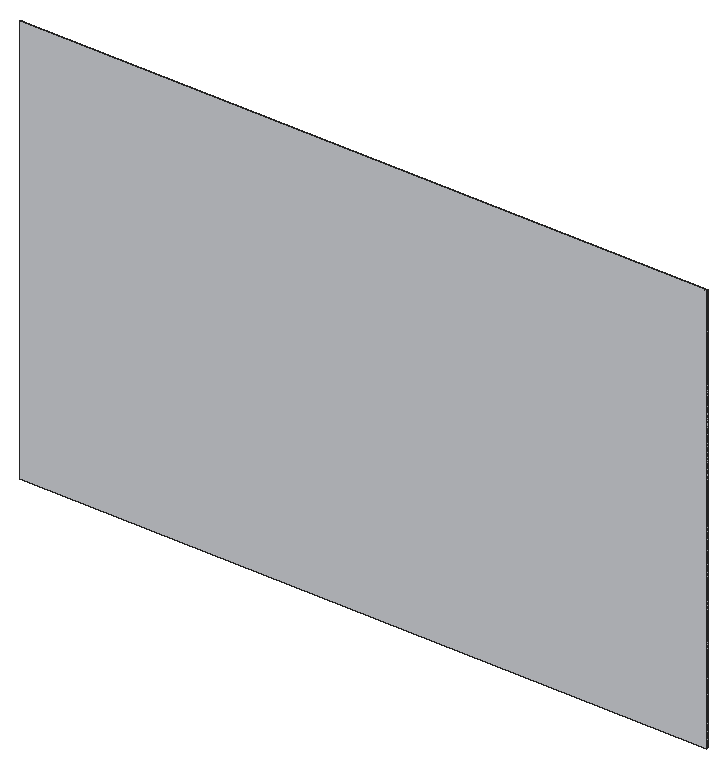
Revit family "27828AIR", category Generic Models, Revit 2017
Family settings
  Can host rebar = No
  Round Connector Dimension = Use Diameter
  Part Type = Normal
  Work Plane-Based = No
  Always vertical = Yes
  Cut with Voids When Loaded = No
  Shared = No
  Room Calculation Point = No
Parameters
  W = 1990 mm
  H = 1190 mm
  Whiteboard = none
  Base = none
Reference planes
  plane 1 "Center (Front/Back)": y = 0
  plane 2: z = 0
  plane 3 "Center (Left/Right)": x = 0
  plane 4: y = 0.5
  plane 5: y = 10.5
  plane 6: z = 1190
  plane 7: x = -995
  plane 8: x = 995
  plane 9: y = 4
Forms (mm)
  Extrusion 1, solid, material <- "Whiteboard"
    sketch origin (0, 0, 0) x (1, 0, 0) y (0, 0, 1)
      loop
        line (-995, 1190) -> (-995, 0) -> (995, 0) -> (995, 1190) -> (-995, 1190)
    from -0.5 to 0
  Extrusion 2, solid, material <- "Base"
    sketch origin (0, 0, 0) x (1, 0, 0) y (0, 0, 1)
      loop
        line (-995, 1190) -> (-995, 0) -> (995, 0) -> (995, 1190) -> (-995, 1190)
    from -10.5 to -0.5
  Sweep 3, void
    path origin (0, 10.5, 0) x (1, 0, 0) y (0, 0, 1)
      loop
        line (-995, 1190) -> (-995, 0) -> (995, 0) -> (995, 1190) -> (-995, 1190)
    profile origin (0, 10.5, 1190) x (0, 0, 1) y (0, -1, 0)
      loop
        line (0, 0) -> (0, 6.5) -> (-6.5, 0) -> (0, 0)
Cuts and joins
  Sweep 3 cuts Extrusion 2
Dimensions and locks
  locked: plane 4 to plane 1 "Center (Front/Back)" at 0.5
  locked: plane 5 to plane 4 at 10
  equal spacing: plane 8, plane 3 "Center (Left/Right)", plane 7
  "W": plane 8 to plane 7
  "H": plane 6 to level
  aligned and locked: level to plane 2
  aligned and locked: Extrusion 1 sketch curve to plane 6
  aligned and locked: plane 7 to Extrusion 1 sketch curve
  aligned and locked: plane 2 to Extrusion 1 sketch curve
  aligned and locked: Extrusion 1 sketch curve to plane 8
  aligned and locked: plane 4 to Extrusion 1
  aligned and locked: plane 1 "Center (Front/Back)" to Extrusion 1
  aligned and locked: Extrusion 2 sketch curve to Extrusion 1  (x4)
  aligned and locked: plane 5 to Extrusion 2
  aligned and locked: Extrusion 2 to plane 4
  aligned and locked: Sweep 3 sketch curve to Extrusion 1  (x4)
Automatic sketch dimensions
  Sweep 3 sketch curve to profile plane = 0 mm
  profile plane to Sweep 3 sketch curve = 0 mm
  profile plane to Sweep 3 sketch curve = 6.5 mm  (x2)
